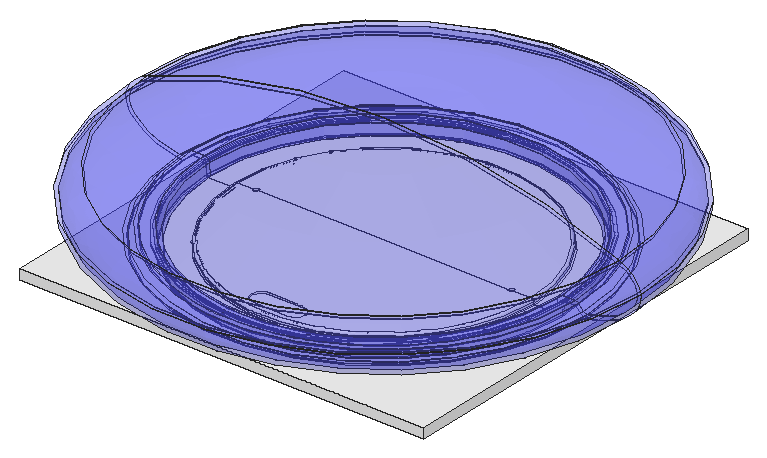
Revit family "BE_12164_de_DE", category Leuchten, Revit 2020
Family settings
  Basisbauteil = Fläche
  Bemaßung runder Anschluss = Durchmesser verwenden
  Teiletyp = Normal
  Beim Laden mit Abzugskörper schneiden = Ja
  Lichtquelle = Ja
  Gemeinsam genutzt = Nein
  Raumberechnungspunkt = Ja
Parameters (values of type "BEGA_12164_K3")
  built-in parameter 1150104 = 12.105 (stored number, unit not read)
  Wattage = 37.8 W
  Default Elevation = 0 mm
  built-in parameter 1150113 = 1 (stored number, unit not read)
  built-in parameter 1114218 = 1 (stored number, unit not read)
  Umgebungstemperatur = ""
  URL = "http://www.bega.de/de/produkt/12164"
  Typenkommentare = "© 2022 BEGA. Wir behalten uns das Recht vor, technische Änderungen ohne vorherige Ankündigung vorzunehmen."  # constant formula
  built-in parameter 1150134 = 12
  built-in parameter 1150109 = 1 (stored number, unit not read)
  Strom = ""
  built-in parameter 1150110 = 1 (stored number, unit not read)
  Spannung = 239.996 V
  Sonderanfertigung = no
  Seriennummer [instance] = "Hier können Sie die eindeutige Seriennummer für das Facility Management eintragen."
  Schutzklasse = "I"
  Schutzart = "IP 20"
  Scheinlast = 0 VA
  Produktdatenblatt = "http://www.bega.de/download/Xrfa/db/12164.db.de.pdf"
  Oberflächentemperatur = ""
  Neigungswinkel = 0.00°
  Model = "12164K4"
  Material_17 = BEGA_Reflektor
  Material_15 = BEGA_Leuchtmedium_matt
  Material_11 = BEGA_Glas_opal
  Material_09 = BEGA_Glas_klar
  Material_06 = BEGA_Oberfläche_Edelstahl_gebürstet
  Material_05 = BEGA_Oberfläche_Aluminium Guss
  Material_03 = BEGA_Oberfläche_Weiss_matt
  Material_02 = BEGA_Oberfläche_Silber_matt
  Material_01 [instance] = BEGA_Oberfläche_Grafit_matt
  M_W = no
  M_G = no
  M_A = no
  Logo = 0
  built-in parameter 1114217 = 1 (stored number, unit not read)
  built-in parameter 1150139 = (empty or 0)
  built-in parameter 1150105 = 1415.8 (stored number, unit not read)
  built-in parameter 1150114 = 1 (stored number, unit not read)
  Lumens = 4925.34 lm
  built-in parameter 1150115 = 1 (stored number, unit not read)
  Leuchtenlichtstrom = "3350 lm"
  Leuchtenanzahl = ""
  Lebensdauerkriterien = "L70B50 @ 25 °C = 152000 h"
  Lastklassifizierung = Beleuchtung
  built-in parameter 1150112 = 1 (stored number, unit not read)
  Lampenlichtstrom = "4925 lm"
  Lamp = "LED 37.8 W"
  LED_Modulbezeichnung = "LED-0531/940"
  Hersteller = "BEGA"  # constant formula
  Halbstreuwinkel = ""
  Gewicht = "6.0 kg"
  Gebrauchslageneinschränkung [instance] = ""
  Frequenz = "0/50-60 Hz"
  Farbwiedergabeindex = "CRI > 90"
  Farbtemperaturverschiebung bei Dämpfen der Lampe = <Keine Auswahl>
  Farbtemperatur = "4000 K"
  Color Filter = 16777215
  built-in parameter 1150133 = 10 (stored number, unit not read)
  Energieeffizienzklasse = "LED A++ - A"
  built-in parameter 1150137 = (empty or 0)
  built-in parameter 1150132 = (empty or 0)
  ENEC = "ja"
  Dimmbar [instance] = "DALI"
  Photometric Web File = "BE_12164K4.IES"
  CE_Konformität = "ja"
  Bestellnummer = "12164K4"
  Beschreibung_Sonderanfertigung = "Hier können Sie Informationen zur Sonderanfertigung eintragen."
  Beschreibung = "Decken- und Wandleuchte"
  built-in parameter 1150106 = 14.158 (stored number, unit not read)
  Befestigungsbohrung = "Ø 5,5 mm"
  Befestigungsabstand = "253 mm"
  Ballwurfsicher = ""
  BEGA_Intern_aus = yes
  BEGA_Intern_an = yes
  BEGA_Intern_Konstruktion = yes
  BEGA_Intern = yes
  BEGA_IES = yes
  BEGA_Dummy = no
  Anschlussleitung = ""
  Anschlussleistung [instance] = "42.6 W"
  Anschlusskasten = ""
  built-in parameter 1150107 = 4000 (stored number, unit not read)
  built-in parameter 1150102 = (empty or 0)
  built-in parameter 1150138 = (empty or 0)
  Aktualisierung = "2019-07-05T04:00:16"
  Abstand_zur_angestrahlten_Fläche [instance] = ""
  AC/DC = "AC/DC"
Reference planes
  plane 1 "Mitte (Vorne/Hinten)": y = 0
  plane 2: z = 0
  plane 3 "Mitte (Links/Rechts)": x = 0
  plane 4 "Links": x = -255.06
  plane 5 "Rechts": x = 255.06
  plane 6 "Unten": y = -255.05
  plane 7 "Oben": y = 255.05
  plane 8 "Vorne": z = 116.312
  plane 9 "Hinten": z = 0
Forms (mm)
  Extrusion 1, solid, material "BEGA_Platte_Weiss"
    sketch origin (0, -1119.2, 0) x (1, 0, 0) y (0, 1, 0)
      loop
        line (-200, 1319.2) -> (-200, 919.2) -> (200, 919.2) -> (200, 1319.2) -> (-200, 1319.2)
    from 0 to -10
  Extrusion 2, solid, material "BEGA_Dummy_matt", visible <- "BEGA_Dummy"
    sketch origin (77.149, -76.023, 0) x (1, 0, 0) y (0, 1, 0)
      loop
        circle (-77.149, 76.023) r 255
    from 0 to 116.312
Dimensions and locks
  plane 1 "Mitte (Vorne/Hinten)" to Extrusion 1 = 200 mm
  aligned and locked: plane 2 to Extrusion 1
  aligned and locked: level to Extrusion 1
Nested families
  nested 1: "BE_12164" at (0, 0, 0), type "BE_12164"
Connectors
  electrical at (0, 0, 0), driven by "Lastklassifizierung", driven by "Spannung", driven by "Scheinlast"
    settings: index 1, voltage 239.996 V, apparent load 0 VA, apparent load phase1 0 VA, apparent load phase2 0 VA, apparent load phase3 0 VA, power factor 1, load classification "Beleuchtung", number of poles 1, system type 31, power factor state 1, is connector primary yes, connector utility no, sub classification motor no, connector description ""
Definition of nested family "BE_12164"
  Parameters (values of type "BE_12164")
    Default Elevation = 1 mm
    URL = "http://www.bega.de/de/produkt"
    Type Comments = "© 2015 BEGA. Wir behalten uns das Recht vor, technische Änderungen ohne vorherige Ankündigung vorzunehmen. "  # constant formula
    Type Image = (empty or 0)
    Neigungswinkel_um_Z2 = 0.00°
    Neigungswinkel_um_Z1 = 0.00°
    Neigungswinkel_um_Y2 = 0.00°
    Neigungswinkel_um_Y1 = 0.00°
    Neigungswinkel_um_X2 = 0.00°
    Neigungswinkel_um_X1 = 0.00°
    Material_17 = none
    Material_15 = none
    Material_11 = none
    Material_09 = none
    Material_06 = none
    Material_05 = none
    Material_03 = none
    Material_02 = none
    Material_01 = none
    M_W = yes
    M_G = yes
    M_A = yes
    Länge_Platte = 700 mm  # constant formula
    Höhe_Platte = -10 mm  # constant formula
    Manufacturer = "BEGA"  # constant formula
    Drehwinkel_um_Z2 = 0.00°
    Drehwinkel_um_Z1 = 0.00°
    Breite_Platte = 700 mm  # constant formula
  Reference planes
    plane 1 "Mitte (Oben/Unten)": y = 0
    plane 2: z = 0
    plane 3 "Mitte (Links/Rechts)": x = 0
    plane 4: x = -255.06
    plane 5: z = 116.312
    plane 6: x = 255.06
    plane 7: y = -255.05
    plane 8: y = 255.05
  Forms (mm)
    Extrusion 1, solid, detail levels medium
      sketch origin (0, 0, 0) x (1, 0, 0) y (0, 1, 0)
        loop
          line (-350, 350) -> (-350, -350) -> (350, -350) -> (350, 350) -> (-350, 350)
      from 0 to -10 <- "Höhe_Platte"
    Revolve 2, solid, material <- "Material_03", detail levels medium+fine
      sketch origin (0, 0, 0) x (1, 0, 0) y (0, 0, 1)
        loop
          arc (-145.653, 7.75) -> (-147.216, 7.118) -> (-147.901, 5.578) r 2.25
          line (-147.901, 5.578) -> (-147.966, 3.766)
          arc (-147.966, 3.766) -> (-148.253, 3.048) -> (-148.966, 2.75) r 1
          line (-148.966, 2.75) -> (-174.562, 2.75)
          arc (-174.562, 2.75) -> (-175.235, 3.012) -> (-175.556, 3.658) r 1
          line (-175.556, 3.658) -> (-176.5, 14.446)
          arc (-176.5, 14.446) -> (-177.221, 15.909) -> (-178.741, 16.5) r 2.25
          line (-178.741, 16.5) -> (-180.75, 16.5) -> (-180.75, 15.25) -> (-178.739, 15.25)
          arc (-178.739, 15.25) -> (-178.065, 14.987) -> (-177.745, 14.337) r 1
          line (-177.745, 14.337) -> (-176.801, 3.545)
          arc (-176.801, 3.545) -> (-176.079, 2.09) -> (-174.565, 1.5) r 2.25
          line (-174.565, 1.5) -> (-148.966, 1.5)
          arc (-148.966, 1.5) -> (-147.403, 2.131) -> (-146.717, 3.671) r 2.25
          line (-146.717, 3.671) -> (-146.653, 5.536)
          arc (-146.653, 5.536) -> (-146.348, 6.219) -> (-145.654, 6.499) r 0.999
          line (-145.654, 6.499) -> (0, 6.499) -> (0, 7.75) -> (-145.653, 7.75)
        axis (0, 1.5) -> (0, 16.5)
      angle from 0 to 360
    Extrusion 3, void
      sketch origin (0, 0, 0) x (1, 0, 0) y (0, 1, 0)
        loop
          circle (126.5, 0) r 2.75
        loop
          line (17, -120) -> (-17, -120)
          arc (-17, -120) -> (-27, -130) -> (-17, -140) r 10
          line (-17, -140) -> (17, -140)
          arc (17, -140) -> (27, -130) -> (17, -120) r 10
        loop
          circle (-126.5, 0) r 2.75
      from 0 to 10
    Revolve 4, solid, material <- "Material_11", detail levels medium+fine
      sketch origin (0, 0, 0) x (1, 0, 0) y (0, 0, 1)
        loop
          spline (0, 116.312) -> (-20.589, 115.992) -> (-41.131, 115.032) -> (-61.577, 113.435) -> (-81.881, 111.204) -> (-101.995, 108.344) -> (-121.872, 104.863) -> (-141.468, 100.767) -> (-160.735, 96.068) -> (-179.63, 90.774) -> (-198.109, 84.9) -> (-216.129, 78.458) -> (-233.647, 71.463)
          spline (-233.647, 71.463) -> (-236.655, 70.097) -> (-239.479, 68.608) -> (-242.106, 67.004) -> (-244.521, 65.294) -> (-246.711, 63.487) -> (-248.665, 61.592) -> (-250.373, 59.619) -> (-251.826, 57.579) -> (-253.015, 55.483) -> (-253.935, 53.341) -> (-254.58, 51.165) -> (-254.948, 48.967)
          spline (-254.948, 48.967) -> (-254.928, 44.475) -> (-253.941, 40.012) -> (-251.999, 35.634) -> (-249.126, 31.395) -> (-245.358, 27.346) -> (-240.739, 23.537) -> (-235.328, 20.015) -> (-229.191, 16.824) -> (-222.403, 14.002) -> (-215.048, 11.585) -> (-207.215, 9.601) -> (-199.002, 8.076)
          arc (-199.002, 8.076) -> (-198.539, 8.114) -> (-198.142, 8.358) r 1
          line (-198.142, 8.358) -> (-190.293, 16.207)
          arc (-190.293, 16.207) -> (-189.969, 16.423) -> (-189.588, 16.5) r 1
          line (-189.588, 16.5) -> (-176.617, 16.5)
          arc (-176.617, 16.5) -> (-175.942, 16.237) -> (-175.62, 15.587) r 1
          line (-175.62, 15.587) -> (-174.65, 4.5) -> (-170.635, 4.5) -> (-171.634, 15.919)
          arc (-171.634, 15.919) -> (-173.232, 19.181) -> (-176.616, 20.5) r 5
          line (-176.616, 20.5) -> (-189.586, 20.5)
          arc (-189.586, 20.5) -> (-191.499, 20.119) -> (-193.121, 19.035) r 5
          line (-193.121, 19.035) -> (-198.049, 14.108)
          arc (-198.049, 14.108) -> (-199.671, 13.024) -> (-201.585, 12.643) r 5
          spline (-201.585, 12.643) -> (-209.152, 14.219) -> (-216.335, 16.204) -> (-223.038, 18.567) -> (-229.171, 21.275) -> (-234.654, 24.278) -> (-239.412, 27.519) -> (-243.378, 30.94) -> (-246.528, 34.473) -> (-248.848, 38.044) -> (-250.333, 41.591) -> (-251.029, 45.09) -> (-250.97, 48.555)
          spline (-250.97, 48.555) -> (-250.684, 50.263) -> (-250.175, 51.979) -> (-249.434, 53.701) -> (-248.453, 55.426) -> (-247.23, 57.144) -> (-245.761, 58.841) -> (-244.046, 60.503) -> (-242.093, 62.115) -> (-239.909, 63.661) -> (-237.505, 65.128) -> (-234.896, 66.504) -> (-232.095, 67.777)
          spline (-232.095, 67.777) -> (-214.7, 74.722) -> (-196.805, 81.118) -> (-178.452, 86.952) -> (-159.684, 92.208) -> (-140.546, 96.875) -> (-121.08, 100.942) -> (-101.333, 104.399) -> (-81.35, 107.239) -> (-61.178, 109.454) -> (-40.865, 111.041) -> (-20.456, 111.994) -> (0, 112.312)
          line (0, 112.312) -> (0, 116.312)
        axis (0, 116.312) -> (0, 4.5)
      angle from 0 to 360
    Revolve 5, solid, material <- "Material_03", detail levels medium+fine
      sketch origin (-78.441, 58.505, 0) x (0.819152, 0.573577, 0) y (0, 0, 1)
        loop
          arc (-108.84, 2.037) -> (-105.568, 0.52) -> (-102, 0) r 12.498
          line (-102, 0) -> (-102, 2.037) -> (-108.84, 2.037)
        axis (-102, 0) -> (-102, 2.037)
      angle from 0 to 360
    Revolve 6, solid, material <- "Material_03", detail levels medium+fine
      sketch origin (58.505, 78.441, 0) x (0.573577, -0.819152, 0) y (0, 0, 1)
        loop
          arc (-108.84, 2.037) -> (-105.568, 0.52) -> (-102, 0) r 12.498
          line (-102, 0) -> (-102, 2.037) -> (-108.84, 2.037)
        axis (-102, 0) -> (-102, 2.037)
      angle from 0 to 360
    Revolve 7, solid, material <- "Material_03", detail levels medium+fine
      sketch origin (-58.505, -78.441, 0) x (-0.573577, 0.819152, 0) y (0, 0, 1)
        loop
          arc (-108.84, 2.037) -> (-105.568, 0.52) -> (-102, 0) r 12.498
          line (-102, 0) -> (-102, 2.037) -> (-108.84, 2.037)
        axis (-102, 0) -> (-102, 2.037)
      angle from 0 to 360
    Revolve 8, solid, material <- "Material_03", detail levels medium+fine
      sketch origin (78.441, -58.505, 0) x (-0.819152, -0.573577, 0) y (0, 0, 1)
        loop
          arc (-108.84, 2.037) -> (-105.568, 0.52) -> (-102, 0) r 12.498
          line (-102, 0) -> (-102, 2.037) -> (-108.84, 2.037)
        axis (-102, 0) -> (-102, 2.037)
      angle from 0 to 360
  Cuts and joins
    Extrusion 3 cuts Revolve 2
    joined: Revolve 2, Revolve 5, Revolve 6, Revolve 7, Revolve 8
  Dimensions and locks
    equal spacing: Extrusion 1 sketch curve, plane 3 "Mitte (Links/Rechts)", Extrusion 1 sketch curve
    equal spacing: Extrusion 1 sketch curve, plane 1 "Mitte (Oben/Unten)", Extrusion 1 sketch curve
    "Länge_Platte": Extrusion 1 sketch curve to Extrusion 1 sketch curve
    "Breite_Platte": Extrusion 1 sketch curve to Extrusion 1 sketch curve
    aligned and locked: Extrusion 1 to plane 2
    aligned and locked: level to Extrusion 1
  Automatic sketch dimensions
    Revolve 5 sketch curve to Revolve 5 sketch curve = 6.839 mm
    Revolve 5 sketch curve to Revolve 5 sketch curve = 6.84 mm
    Revolve 5 sketch curve to Revolve 5 sketch curve = 0 mm
    Revolve 5 sketch curve to Revolve 5 sketch curve = 0.59 mm
    Revolve 5 sketch curve to Revolve 5 sketch curve = 1.463 mm
    Revolve 5 sketch curve to Revolve 5 sketch curve = 2.037 mm
    Revolve 2 sketch curve to Revolve 2 sketch curve = 0 mm  (x17)
    Revolve 2 sketch curve to plane 3 "Mitte (Links/Rechts)" = 0 mm  (x2)
    level to Revolve 2 sketch curve = 15.25 mm
    Revolve 2 sketch curve to Revolve 2 sketch curve = 2.011 mm
    Revolve 2 sketch curve to Revolve 2 sketch curve = 1 mm  (x2)
    Revolve 2 sketch curve to Revolve 2 sketch curve = 1.251 mm
    Revolve 2 sketch curve to Revolve 2 sketch curve = 0.002 mm  (x4)
    Revolve 2 sketch curve to Revolve 2 sketch curve = 0.996 mm  (x2)
    Revolve 2 sketch curve to Revolve 2 sketch curve = 0.109 mm
    Revolve 2 sketch curve to Revolve 2 sketch curve = 1.347 mm
    Revolve 2 sketch curve to Revolve 2 sketch curve = 1.25 mm  (x2)
    level to Revolve 2 sketch curve = 3.545 mm
    Revolve 2 sketch curve to Revolve 2 sketch curve = 0.944 mm
    Revolve 2 sketch curve to Revolve 2 sketch curve = 2.241 mm
    Revolve 2 sketch curve to Revolve 2 sketch curve = 0.205 mm
    level to Revolve 2 sketch curve = 14.337 mm
    level to Revolve 2 sketch curve = 14.446 mm
    level to Revolve 2 sketch curve = 3.658 mm
    Revolve 2 sketch curve to Revolve 2 sketch curve = 0.005 mm
    Revolve 2 sketch curve to Revolve 2 sketch curve = 25.597 mm
    level to Revolve 2 sketch curve = 3.75 mm
    level to Revolve 2 sketch curve = 5.578 mm
    Revolve 2 sketch curve to Revolve 2 sketch curve = 0.065 mm
    Revolve 2 sketch curve to Revolve 2 sketch curve = 1.249 mm
    level to Revolve 2 sketch curve = 5.536 mm
    Revolve 2 sketch curve to Revolve 2 sketch curve = 1.248 mm
    Revolve 2 sketch curve to Revolve 2 sketch curve = 0.999 mm
    Revolve 2 sketch curve to Revolve 2 sketch curve = 0.036 mm
    level to Revolve 2 sketch curve = 3.671 mm
    plane 1 "Mitte (Oben/Unten)" to Extrusion 3 sketch curve = 0 mm  (x2)
    Extrusion 3 sketch curve to plane 3 "Mitte (Links/Rechts)" = 17 mm
    plane 3 "Mitte (Links/Rechts)" to Extrusion 3 sketch curve = 17 mm
    Extrusion 3 sketch curve to Extrusion 3 sketch curve = 10 mm
    Revolve 6 sketch curve to Revolve 6 sketch curve = 6.839 mm
    Revolve 6 sketch curve to Revolve 6 sketch curve = 6.84 mm
    Revolve 6 sketch curve to Revolve 6 sketch curve = 0 mm
    Revolve 6 sketch curve to Revolve 6 sketch curve = 0.59 mm
    Revolve 6 sketch curve to Revolve 6 sketch curve = 1.463 mm
    Revolve 6 sketch curve to Revolve 6 sketch curve = 2.037 mm
    Revolve 7 sketch curve to Revolve 7 sketch curve = 6.839 mm
    Revolve 7 sketch curve to Revolve 7 sketch curve = 6.84 mm
    Revolve 7 sketch curve to Revolve 7 sketch curve = 0 mm
    Revolve 7 sketch curve to Revolve 7 sketch curve = 0.59 mm
    Revolve 7 sketch curve to Revolve 7 sketch curve = 1.463 mm
    Revolve 7 sketch curve to Revolve 7 sketch curve = 2.037 mm
    Revolve 8 sketch curve to Revolve 8 sketch curve = 6.839 mm
    Revolve 8 sketch curve to Revolve 8 sketch curve = 6.84 mm
    Revolve 8 sketch curve to Revolve 8 sketch curve = 0 mm
    Revolve 8 sketch curve to Revolve 8 sketch curve = 0.59 mm
    Revolve 8 sketch curve to Revolve 8 sketch curve = 1.463 mm
    Revolve 8 sketch curve to Revolve 8 sketch curve = 2.037 mm
    Revolve 5 sketch curve to level = 0 mm
    Revolve 6 sketch curve to level = 0 mm
    level to Revolve 7 sketch curve = 0 mm
    level to Revolve 8 sketch curve = 0 mm
    Revolve 4 sketch curve to Revolve 4 sketch curve = 2.735 mm
    Revolve 4 sketch curve to Revolve 4 sketch curve = 9.264 mm
    Revolve 4 sketch curve to plane 3 "Mitte (Links/Rechts)" = 0 mm  (x2)
    level to Revolve 4 sketch curve = 9.065 mm
    Revolve 4 sketch curve to Revolve 4 sketch curve = 6.435 mm
    Revolve 4 sketch curve to Revolve 4 sketch curve = 8.579 mm
    level to Revolve 4 sketch curve = 48.555 mm
    Revolve 4 sketch curve to Revolve 4 sketch curve = 19.221 mm
    Revolve 4 sketch curve to Revolve 4 sketch curve = 4 mm
    Revolve 4 sketch curve to Revolve 4 sketch curve = 3.979 mm
    Revolve 4 sketch curve to Revolve 4 sketch curve = 0.093 mm
    Revolve 4 sketch curve to Revolve 4 sketch curve = 0.019 mm
    Revolve 4 sketch curve to level = 161.143 mm
    Revolve 4 sketch curve to Revolve 4 sketch curve = 169.244 mm
    Revolve 4 sketch curve to Revolve 4 sketch curve = 3.549 mm
    Revolve 4 sketch curve to Revolve 4 sketch curve = 1.552 mm
    Revolve 4 sketch curve to Revolve 4 sketch curve = 2.736 mm
    Revolve 4 sketch curve to Revolve 4 sketch curve = 0.152 mm
    Revolve 4 sketch curve to Revolve 4 sketch curve = 0.859 mm
    Revolve 4 sketch curve to Revolve 4 sketch curve = 0 mm  (x13)
    Revolve 4 sketch curve to Revolve 4 sketch curve = 3.537 mm
    Revolve 4 sketch curve to Revolve 4 sketch curve = 3.536 mm  (x2)
    Revolve 4 sketch curve to Revolve 4 sketch curve = 0.707 mm  (x3)
    Revolve 4 sketch curve to Revolve 4 sketch curve = 12.969 mm
    Revolve 4 sketch curve to Revolve 4 sketch curve = 25.82 mm
    Revolve 4 sketch curve to plane 3 "Mitte (Links/Rechts)" = 0.001 mm
    Revolve 4 sketch curve to Revolve 4 sketch curve = 0.965 mm
    Revolve 4 sketch curve to Revolve 4 sketch curve = 3.579 mm
    Revolve 4 sketch curve to Revolve 4 sketch curve = 2.828 mm
    Revolve 4 sketch curve to Revolve 4 sketch curve = 1.774 mm
    Revolve 4 sketch curve to Revolve 4 sketch curve = 0.705 mm
    Revolve 4 sketch curve to Revolve 4 sketch curve = 0.293 mm
    Revolve 4 sketch curve to Revolve 4 sketch curve = 0.001 mm  (x3)
    Revolve 4 sketch curve to Revolve 4 sketch curve = 1 mm
    Revolve 4 sketch curve to Revolve 4 sketch curve = 0.996 mm
    Revolve 4 sketch curve to Revolve 4 sketch curve = 3.987 mm
    Revolve 4 sketch curve to Revolve 4 sketch curve = 0.332 mm
    level to Revolve 4 sketch curve = 15.587 mm
    Revolve 4 sketch curve to Revolve 4 sketch curve = 0.97 mm
    level to Revolve 4 sketch curve = 4.5 mm
    Revolve 4 sketch curve to Revolve 4 sketch curve = 4.015 mm
    Revolve 2 sketch curve to plane 3 "Mitte (Links/Rechts)" = 145.653 mm
    Extrusion 3 sketch curve to plane 3 "Mitte (Links/Rechts)" = 126.5 mm
    Revolve 4 sketch curve to plane 3 "Mitte (Links/Rechts)" = 170.635 mm
    Revolve 4 sketch curve to Revolve 4 sketch curve = 30.511 mm
    Revolve 4 sketch curve to Revolve 4 sketch curve = 18.874 mm
    Revolve 4 sketch curve to Revolve 4 sketch curve = 0.396 mm
    plane 3 "Mitte (Links/Rechts)" to Extrusion 3 sketch curve = 126.5 mm
    level to Revolve 4 sketch curve = 112.312 mm
    Revolve 4 sketch curve to Revolve 4 sketch curve = 35.711 mm
    Revolve 4 sketch curve to Revolve 4 sketch curve = 14.572 mm
    plane 1 "Mitte (Oben/Unten)" to Extrusion 3 sketch curve = 120 mm
    radius of Extrusion 3 sketch curve = 2.75 mm  (x2)
